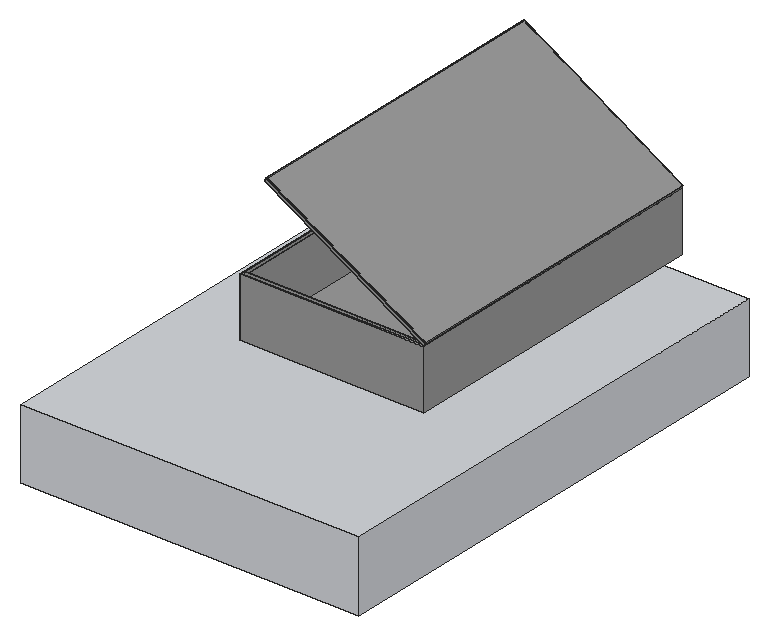
Revit family "Hager-Univers-IP55-D275-H1400-Cl.I-Steel_encl-DE-de", category Equipement électrique, Revit 2020
Family settings
  Hôte = Face
  Configuration du panneau = Deux colonnes, circuits au sein
  Cote de connecteur circulaire = Utiliser le diamètre
  Type d'élément = Tableau de raccordement
  Couper avec des vides une fois chargée = Non
  Partagée = Non
  Point de calcul de pièce = Non
Parameters (values of type "Aufputz IP55 B800 H1400 T275  - FR93E")
  Width Control [instance] = if([EF000008 - Breite] > Min Width, [EF000008 - Breite], Min Width)  # 800 mm
  Commentaires du type = [HG000003 - Bereich]  # "Univers"
  Thickness Door [instance] = if([EF009171 - Materialstärke Tür/Deckel] > 3 mm, 3 mm, [EF009171 - Materialstärke Tür/Deckel])  # 1.5 mm
  Seal Frame Offset [instance] = 17 mm  # constant formula
  Plinth Visibility [instance] = [HG000027 - Sockelhöhe] > 0 mm  # no
  Model = ""
  Min Width [instance] = 100 mm  # constant formula
  Min Height [instance] = 100 mm  # constant formula
  Min Depth [instance] = (2 * [EF009170 - Materialstärke Gehäuse]) + 1 mm  # 4 mm
  Internal Frame Depth [instance] = (Door System Depth * 0.5)  # 9 mm
  Height Control [instance] = if([EF000040 - Höhe] > Min Height, [EF000040 - Höhe], Min Height)  # 1400 mm
  HG000027 - Sockelhöhe = 0 mm
  HG000026 - Stehend auf dem Boden = no
  HG000024 - Höhe des unteren Teils = 800 mm
  HG000023 - Gehäuse mit doppeltem Querschnitt = no
  HG000016 - 3D-Türsichtbarkeit [instance] = yes
  HG000015 - Sichtbarkeit der Türöffnung [instance] = no
  HG000014 - Tür rechts [instance] = yes
  HG000013 - Tür links [instance] = not([HG000014 - Tür rechts])  # no
  HG000012 - Türschwenkwinkel [instance] = 30.00°
  HG000010 - Asymmetrische Türen = no
  HG000009 - Doppelflügeligen Tür = no
  HG000006 - Unterputz = no
  HG000004 - Herstellerreferenz = "FR93E"
  HG000003 - Bereich = "Univers"
  HG000002 - Mit tür = yes
  Frame Offset Bottom [instance] = 10 mm  # constant formula
  Frame Offset [instance] = 15 mm  # constant formula
  EF015940 - Deckel mit Überdruckentlastung = no
  EF011959 - Schutzart (NEMA) = ""
  EF009554 - Anzahl der Öffnungen für Flanschplatten = 6
  Fabricant = "Hager"  # constant formula
  EF009212 - Ausführung Deckel = "EV000116 - geschlossen"
  EF009171 - Materialstärke Tür/Deckel = 1.5 mm
  EF009170 - Materialstärke Gehäuse = 1.5 mm
  EF008873 - Nennstrom (In) = 800 A
  EF007800 - Geeignet für Blitzschutz = no
  EF006306 - Mit Schloss = no
  EF006244 - Transparenter Deckel/Tür = no
  EF005474 - Schutzart (IP) = "EV006420 - IP55"
  EF004464 - Art der Tür = "EV002646 - Einzel"
  EF004427 - Anzahl der Module = 324
  EF004293 - Schlagfestigkeit = "EV008784 - IK10"
  EF003532 - Geeignet für Außengebrauch = no
  EF002950 - Breite in Teilungseinheiten = 24
  EF001613 - Funktionserhalt = "EV000494 - ohne"
  EF001596 - Werkstoff des Gehäuses = "EV000179 - Stahl"
  EF001131 - Innentiefe = 275 mm
  EF001088 - Anbaumöglichkeit = yes
  EF000437 - Anzahl der Leitungseinführungen = 6
  EF000339 - Art der Abdeckung = "EV004216 - Tür"
  EF000266 - Anzahl der Reihen = 9
  EF000218 - Einbautiefe = 0 mm
  EF000118 - Mit Montageplatte = no
  EF000116 - RAL-Nummer = "7035"
  EF000049 - Tiefe = 275 mm
  EF000040 - Höhe = 1400 mm
  EF000008 - Breite = 800 mm
  EF000007 - Farbe = "EV000270 - grau"
  EF000003 - Montageart = "EV000384 - Aufputz"
  Door System Leaf Tolerance [instance] = 1.5 mm  # constant formula
  Door System Depth [instance] = 18 mm  # constant formula
  Door Height [instance] = Height Control - [HG000027 - Sockelhöhe]  # 1400 mm
  Depth Control [instance] = if([EF000049 - Tiefe] > Min Depth, [EF000049 - Tiefe], Min Depth)  # 275 mm
  Default Elevation = 0 mm
  Connector Offset [instance] = Height Control / 2  # 700 mm
  Bottom Top Plate Trim [instance] = 1.5 mm  # constant formula
  Plinth height Ctrl [instance] = if([HG000027 - Sockelhöhe] > 0 mm, [HG000027 - Sockelhöhe], 12 mm)  # 12 mm
Types (5, lengths in mm): name | Width Control | HG000010 - Asymmetrische Türen | HG000009 - Doppelflügeligen Tür | HG000004 - Herstellerreferenz | EF009554 - Anzahl der Öffnungen für Flanschplatten | EF004464 - Art der Tür | EF004427 - Anzahl der Module | EF000437 - Anzahl der Leitungseinführungen | EF000008 - Breite
  Aufputz IP55 B1050 H1400 T275  - FR94E | 1050 | no | yes | "FR94E" | 8 | "EV003602 - Doppel" | 432 | 8 | 1050
  Aufputz IP55 B1300 H1400 T275  - FR95E | 1300 | yes | yes | "FR95E" | 10 | "EV003602 - Doppel" | 540 | 10 | 1300
  Aufputz IP55 B300 H1400 T275  - FR91E | 300 | no | no | "FR91E" | 2 | "EV002646 - Einzel" | 108 | 2 | 300
  Aufputz IP55 B550 H1400 T275  - FR92E | 550 | no | no | "FR92E" | 4 | "EV002646 - Einzel" | 216 | 4 | 550
  Aufputz IP55 B800 H1400 T275  - FR93E | 800 | no | no | "FR93E" | 6 | "EV002646 - Einzel" | 324 | 6 | 800
Reference planes
  plane 1 "Center (Front/Back)": y = 0
  plane 2: z = 0
  plane 3 "Center (Left/Right)": x = 0
  plane 4: z = 275
  plane 5: y = 1.5
  plane 6: y = 700
  plane 7: y = 0
  plane 8: y = 1400
  plane 9: z = 0
  plane 10: x = -385
  plane 11: x = 385
  plane 12: x = 383.5
  plane 13: x = -383.5
  plane 14: y = 1398.5
  plane 15: x = -383
  plane 16: x = -400
  plane 17: x = 383
  plane 18: x = 400
  plane 19: x = 398.5
  plane 20: x = -398.5
  plane 21: y = 11.5
  plane 22: y = 1400
  plane 23: y = 1383.5
  plane 24: z = 257
  plane 25: z = 1.5
  plane 26: z = 255.5
  plane 27: z = 273.5
Forms (mm)
  Extrusion 1, solid
    sketch origin (0, 0, 0) x (1, 0, 0) y (0, 1, 0)
      loop
        line (-702.964, 1305) -> (-702.964, -811.445) -> (766.763, -811.445) -> (766.763, 1305) -> (-702.964, 1305)
    from 0 to -304.8
  Extrusion 2, solid, material "Hager_Steel_RAL7035_Light_Grey", visible <- "Plinth Visibility", detail levels medium+fine
    sketch origin (0, 0, 0) x (1, 0, 0) y (0, 1, 0)
      loop
        line (-400, 0) -> (400, 0) -> (400, 12) -> (-400, 12) -> (-400, 0)
    from 0 to 257
  Extrusion 3, solid, material "Hager_Steel_RAL7035_Light_Grey", detail levels medium+fine
    sketch origin (0, 0, 0) x (1, 0, 0) y (0, 1, 0)
      loop
        line (-400, 0) -> (400, 0) -> (400, 1400) -> (-400, 1400) -> (-400, 0)
    from 0 to 257
  Extrusion 4, void
    sketch origin (0, 0, 0) x (1, 0, 0) y (0, 1, 0)
      loop
        line (-398.5, 1.5) -> (398.5, 1.5) -> (398.5, 1398.5) -> (-398.5, 1398.5) -> (-398.5, 1.5)
    from 1.5 to 255.5
  Extrusion 5, void
    sketch origin (-381.607, -4572, 257) x (0, -1, 0) y (-1, 0, 0)
      loop
        line (-4583.5, 1.893) -> (-5955.5, 1.893) -> (-5955.5, -765.107) -> (-4583.5, -765.107) -> (-4583.5, 1.893)
    from 0 to 1.5 <- "EF009170 - Materialstärke Gehäuse"
  Extrusion 6, solid, material "Hager_Steel_RAL7035_Light_Grey", detail levels fine
    sketch origin (0, 0, 257) x (1, 0, 0) y (0, 1, 0)
      loop
        line (-383.5, 1383.5) -> (-383.5, 11.5) -> (383.5, 11.5) -> (383.5, 1383.5) -> (-383.5, 1383.5)
      loop
        line (-385, 10) -> (385, 10) -> (385, 1385) -> (-385, 1385) -> (-385, 10)
    from 0 to 9 <- "Internal Frame Depth"
  Extrusion 7, solid, material "Hager_Steel_RAL7035_Light_Grey", detail levels coarse
    sketch origin (0, 0, 0) x (1, 0, 0) y (0, 1, 0)
      loop
        line (-400, 0) -> (400, 0) -> (400, 1400) -> (-400, 1400) -> (-400, 0)
    from 0 to 275
  Sweep 8, void
    path in 3D
      loop
        line (-400, 12, 0) -> (400, 12, 0) -> (400, 12, 257) -> (-400, 12, 257) -> (-400, 12, 0)
    profile origin (-400, 12, 128.5) x (-1, 0, 0) y (0, -1, 0)
      loop
        line (0, 0) -> (0, 1.5) -> (-1.5, 1.5)
        arc (-1.5, 1.5) -> (-1.061, 0.439) -> (0, 0) r 1.5
Cuts and joins
  Extrusion 4, Extrusion 5 cuts Extrusion 3
  Sweep 8 cuts Extrusion 2
Lines and regions (mm)
  Masking region 1
    outline origin (0, 0, 0) x (1, 0, 0) y (0, 0, 1)
      loop
        line (-400, 275) -> (-400, 0) -> (400, 0) -> (400, 275) -> (-400, 275)
  Masking region 2, detail levels medium+fine
    outline origin (0, 140, 0) x (0, 1, 0) y (0, 0, 1)
      loop
        line (-140, 0) -> (1260, 0) -> (1260, 257) -> (-140, 257) -> (-140, 0)
  Masking region 3, not visible, detail levels medium+fine
    outline origin (0, 297.922, 0) x (0, 1, 0) y (0, 0, 1)
      loop
        line (413.578, 0) -> (453.578, 0) -> (453.578, 263.5)
        arc (453.578, 263.5) -> (450.649, 270.571) -> (443.578, 273.5) r 10
        line (443.578, 273.5) -> (413.578, 273.5) -> (413.578, 0)
  Masking region 4, detail levels coarse
    outline origin (0, 0, 180) x (0, 1, 0) y (0, 0, 1)
      loop
        line (0, -180) -> (1400, -180) -> (1400, 95) -> (0, 95) -> (0, -180)
  Masking region 5, visible <- "Plinth Visibility", detail levels medium+fine
    outline origin (0, 52.24, 12.345) x (0, 0, -1) y (0, 1, 0)
      loop
        line (10.845, -40.24) -> (-243.155, -40.24)
        arc (-243.155, -40.24) -> (-243.594, -41.301) -> (-244.655, -41.74) r 1.5
        line (-244.655, -41.74) -> (-244.655, -52.24) -> (12.345, -52.24) -> (12.345, -41.74)
        arc (12.345, -41.74) -> (11.285, -41.301) -> (10.845, -40.24) r 1.5
  Masking region 6, detail levels medium+fine
    outline origin (-381.607, -4572, 257) x (-1, 0, 0) y (0, -1, 0)
      loop
        line (18.393, -5972) -> (18.393, -4572) -> (-781.607, -4572) -> (-781.607, -5972) -> (18.393, -5972)
  Masking region 7, visible <- "Plinth Visibility", detail levels medium+fine
    outline origin (-381.607, -4727, 257) x (-1, 0, 0) y (0, -1, 0)
      loop
        arc (16.893, -4739) -> (17.332, -4737.939) -> (18.393, -4737.5) r 1.5
        line (18.393, -4737.5) -> (18.393, -4727) -> (-781.607, -4727) -> (-781.607, -4737.5)
        arc (-781.607, -4737.5) -> (-780.546, -4737.939) -> (-780.107, -4739) r 1.5
        line (-780.107, -4739) -> (16.893, -4739)
  Masking region 8, detail levels coarse
    outline origin (-442.548, -4669.526, 257) x (-1, 0, 0) y (0, -1, 0)
      loop
        line (-42.548, -6069.526) -> (-42.548, -4669.526) -> (-842.548, -4669.526) -> (-842.548, -6069.526) -> (-42.548, -6069.526)
  sketch lines
    curve 1: line (-400, 12, 257) -> (-400, 12, 0)
    curve 2: line (400, 12, 257) -> (-400, 12, 257)
    curve 3: line (400, 12, 257) -> (400, 12, 0)
    curve 4: line (-400, 12, 0) -> (400, 12, 0)
Dimensions and locks
  "Depth Control": plane 4 to Extrusion 1
  "HG000027 - Sockelhöhe": plane 1 "Center (Front/Back)" to plane 7
  "EF009170 - Materialstärke Gehäuse": plane 5 to plane 7
  locked: connector elem to plane 3 "Center (Left/Right)"
  equal spacing: plane 8, plane 6, plane 7
  locked: connector elem to plane 6
  "EF009170 - Materialstärke Gehäuse": plane 8 to plane 14
  "EF009170 - Materialstärke Gehäuse": plane 10 to plane 13
  "EF009170 - Materialstärke Gehäuse": plane 12 to plane 11
  "Frame Offset": plane 20 to plane 13
  "Frame Offset": plane 12 to plane 19
  "EF009170 - Materialstärke Gehäuse": plane 16 to plane 20
  "EF009170 - Materialstärke Gehäuse": plane 19 to plane 18
  "Seal Frame Offset": plane 16 to plane 15
  "Seal Frame Offset": plane 17 to plane 18
  "Frame Offset Bottom": plane 21 to plane 5
  "Frame Offset": plane 14 to plane 23
  equal spacing: plane 16, plane 3 "Center (Left/Right)", plane 18
  "Width Control": plane 16 to plane 18
  "EF009170 - Materialstärke Gehäuse": plane 4 to plane 27
  "EF009170 - Materialstärke Gehäuse": plane 24 to plane 26
  "EF009170 - Materialstärke Gehäuse": plane 25 to level
  "Door System Depth": plane 4 to plane 24
  "Height Control": plane 1 "Center (Front/Back)" to Extrusion 7 sketch curve
  "Height Control": Masking region 4 sketch curve to plane 1 "Center (Front/Back)"
  "Height Control": plane 1 "Center (Front/Back)" to plane 22
  "Bottom Top Plate Trim": profile plane to Sweep 8 sketch curve
  "Bottom Top Plate Trim": Sweep 8 sketch curve to profile plane
  "Plinth height Ctrl": plane 1 "Center (Front/Back)" to Extrusion 2 sketch curve
  "Plinth height Ctrl": Masking region 5 sketch curve to plane 1 "Center (Front/Back)"
  "Plinth height Ctrl": plane 1 "Center (Front/Back)" to Masking region 7 sketch curve
  "Thickness Door": Extrusion 6 sketch curve to Extrusion 6 sketch curve  (x3)
  "Thickness Door": cut or joined group of Extrusion 3, Extrusion 4, Extrusion 5 to Extrusion 6 sketch curve
  radius of Masking region 3 sketch curve = 10 mm
  "Bottom Top Plate Trim": radius of Masking region 5 sketch curve  (x2)
  "Bottom Top Plate Trim": radius of Sweep 8 sketch curve
  "Bottom Top Plate Trim": radius of Masking region 7 sketch curve  (x2)
  aligned and locked: plane 2 to Extrusion 1
  aligned and locked: level to Extrusion 1
  aligned and locked: level to Masking region 1 sketch curve
  aligned and locked: Masking region 1 sketch curve to plane 18
  aligned and locked: Masking region 1 sketch curve to plane 16
  aligned and locked: plane 7 to Masking region 2 sketch curve
  aligned and locked: level to Masking region 3 sketch curve
  aligned and locked: Masking region 3 sketch curve to plane 27
  aligned and locked: level to Masking region 2 sketch curve
  aligned and locked: plane 1 "Center (Front/Back)" to Extrusion 2 sketch curve
  aligned and locked: Extrusion 3 sketch curve to plane 7
  aligned and locked: plane 16 to Extrusion 3 sketch curve
  aligned and locked: plane 18 to Extrusion 3 sketch curve
  aligned and locked: plane 20 to Extrusion 4 sketch curve
  aligned and locked: plane 19 to Extrusion 4 sketch curve
  aligned and locked: Extrusion 4 sketch curve to plane 5
  aligned and locked: Extrusion 4 to plane 25
  aligned and locked: plane 26 to Extrusion 4
  aligned and locked: plane 24 to Extrusion 3
  aligned and locked: Extrusion 5 sketch curve to plane 21
  aligned and locked: Extrusion 5 sketch curve to plane 13
  aligned and locked: Extrusion 5 sketch curve to plane 12
  aligned and locked: plane 18 to Extrusion 7 sketch curve
  aligned and locked: plane 1 "Center (Front/Back)" to Extrusion 7 sketch curve
  aligned and locked: plane 16 to Extrusion 7 sketch curve
  aligned and locked: plane 4 to Extrusion 7
  aligned and locked: Extrusion 7 to level
  aligned and locked: level to Masking region 4 sketch curve
  aligned and locked: Masking region 4 sketch curve to plane 1 "Center (Front/Back)"
  aligned and locked: Masking region 4 sketch curve to plane 4
  aligned and locked: nested 1 to level
  aligned and locked: nested 1 to plane 16
  aligned and locked: plane 8 to Extrusion 3 sketch curve
  aligned and locked: plane 23 to Extrusion 5 sketch curve
  aligned and locked: plane 14 to Extrusion 4 sketch curve
  aligned and locked: Masking region 2 sketch curve to plane 8
  aligned and locked: level to Masking region 5 sketch curve
  aligned and locked: plane 16 to Extrusion 2 sketch curve
  aligned and locked: plane 18 to Extrusion 2 sketch curve
  aligned and locked: Masking region 5 sketch curve to plane 24
  aligned and locked: Masking region 2 sketch curve to plane 24
  aligned and locked: plane 24 to Extrusion 2
  aligned and locked: profile plane to Sweep 8 sketch curve  (x2)
  aligned and locked: Masking region 6 sketch curve to plane 18
  aligned and locked: Masking region 6 sketch curve to plane 22
  aligned and locked: Masking region 6 sketch curve to plane 16
  aligned and locked: plane 8 to plane 22
  aligned and locked: Masking region 6 sketch curve to plane 7
  aligned and locked: Masking region 7 sketch curve to plane 16
  aligned and locked: Masking region 7 sketch curve to plane 1 "Center (Front/Back)"
  aligned and locked: Masking region 7 sketch curve to plane 18
  aligned and locked: Masking region 8 sketch curve to plane 1 "Center (Front/Back)"
  aligned and locked: Masking region 8 sketch curve to plane 18
  aligned and locked: Masking region 8 sketch curve to plane 22
  aligned and locked: Masking region 8 sketch curve to plane 16
  aligned and locked: nested 2 to plane 7
  aligned and locked: plane 3 "Center (Left/Right)" to nested 2
  aligned and locked: nested 2 to plane 24
  aligned and locked: Extrusion 6 sketch curve to cut or joined group of Extrusion 3, Extrusion 4, Extrusion 5  (x4)
Automatic sketch dimensions
  Extrusion 1 sketch curve to Extrusion 1 sketch curve = 1469.727 mm
  Extrusion 1 sketch curve to Extrusion 1 sketch curve = 2116.445 mm
  Masking region 1 sketch curve to plane 4 = 0 mm
  plane 6 to Masking region 3 sketch curve = 11.5 mm
  Masking region 3 sketch curve to Masking region 3 sketch curve = 30 mm
  Masking region 5 sketch curve to plane 1 "Center (Front/Back)" = 0 mm
Nested families
  nested 1: "Hager_Enclosure_Symbol" at (-400, 0, 0) x (1, 0, 0) z (0, -1, 0), Height <- "Depth Control", Width <- "Width Control", type "Hager_Enclosure_Symbol"
    with Width_Ctrl 800 mm, Width 800 mm, Height_Ctrl 275 mm, Height 275 mm, A_Width_Int 18.047 mm, A_Width 216.562 mm, A_Height_Ctrl 240.625 mm, A_Height 240.625 mm
  nested 2: "EC000058_Univers_Door" at (0, 0, 257) x (1, 0, 0) z (0, 1, 0), Leaf_Tolerance <- "Door System Leaf Tolerance", Angle <- "HG000012 - Türschwenkwinkel", Door_Depth <- "Door System Depth", Door_Left <- "HG000013 - Tür links", Transparent <- "EF006244 - Transparenter Deckel/Tür", Assymetrical <- "HG000010 - Asymmetrische Türen", Width <- "Width Control", Clearance <- "HG000015 - Sichtbarkeit der Türöffnung", Double <- "HG000009 - Doppelflügeligen Tür", 3d_Door <- "HG000016 - 3D-Türsichtbarkeit", Lock_Visibility <- "EF006306 - Mit Schloss", Width_Ctrl <- "Width Control", Door_Right <- "HG000014 - Tür rechts", Door <- "HG000002 - Mit tür", Height <- "Door Height", Thickness <- "Thickness Door", type "EC000058_Univers_Door", detail levels medium+fine
    with min_wh 4 mm, Width_Ctrl 800 mm, Width 800 mm, Transparent no, Thickness 1.5 mm, Seal_Material Hager_Rubber, Lock_Visibility no, Lock_Material Hager_Plastic_RAL9005_Jet_Black, Leaf_Width 800 mm, Leaf_Tolerance_External_Sides 0 mm, Leaf_Tolerance 1.5 mm, Leaf_Offset 0 mm, Leaf_Height 1397 mm, Leaf_2_Width 800 mm, Leaf_2_Offset 400 mm, Leaf_1_Width 800 mm, Leaf_1_Offset 400 mm, Height_Ctrl 1400 mm, Height 1400 mm, Glass_Material Hager_Glass, Double_Clearance_Ctrl no, Double no, Door_Right_Ctrl yes, Door_Right yes, Door_Material Hager_Steel_RAL7035_Light_Grey, Door_Left_Ctrl no, Door_Left no, Door_Depth 18 mm, Door yes, Clearance_Material Hager_Clearance, Clearance_Depth 800 mm, Clearance_Ctrl no, Clearance no, Assymetrical no, Angle 30.00°, 3d_Door yes
Connectors
  electrical at (0, 700, 0)
    settings: on plane 9, index 1, voltage 0 V, apparent load 0 VA, apparent load phase1 0 VA, apparent load phase2 0 VA, apparent load phase3 0 VA, power factor 1, load classification "Other", number of poles 1, system type 30, power factor state 1, is connector primary yes, connector utility no, sub classification motor no, connector description ""
Definition of nested family "EC000058_Univers_Door"
  Parameters (values of type "EC000058_Univers_Door")
    min_wh [instance] = (2 * Thickness) + 1 mm  # 11 mm
    Width_Ctrl [instance] = 400 mm
    Width [instance] = 500 mm
    Transparent [instance] = yes
    Thickness [instance] = 5 mm
    Seal_Material [instance] = none
    Lock_Visibility [instance] = yes
    Lock_Material [instance] = none
    Leaf_Width [instance] = if((Width_Ctrl - 2 * Leaf_Tolerance_External_Sides) > 0 mm, (Width_Ctrl - 2 * Leaf_Tolerance_External_Sides), min_wh)  # 400 mm
    Leaf_Tolerance_External_Sides [instance] = 0 mm  # constant formula
    Leaf_Tolerance [instance] = 1.5 mm
    Leaf_Offset [instance] = 0 mm  # constant formula
    Leaf_Height [instance] = if((Height_Ctrl - 2 * Leaf_Tolerance) > 0 mm, (Height_Ctrl - 2 * Leaf_Tolerance), min_wh)  # 497 mm
    Leaf_2_Width [instance] = if(and(and(Double, Assymetrical), Door_Left), (Leaf_Width / 3) - (Leaf_Tolerance / 2), if(and(and(Double, Assymetrical), Door_Right), (Leaf_Width / 3) * 2 - (Leaf_Tolerance / 2), if(and(Double, not(Assymetrical)), (Leaf_Width / 2) - Leaf_Tolerance, Leaf_Width)))  # 400 mm
    Leaf_2_Offset [instance] = if(and(Double, Assymetrical), Leaf_2_Width / 2, if(and(Double, not(Assymetrical)), Leaf_Width / 4, Leaf_Width / 2))  # 200 mm
    Leaf_1_Width [instance] = if(and(and(Double, Assymetrical), Door_Right), (Leaf_Width / 3) - (Leaf_Tolerance / 2), if(and(and(Double, Assymetrical), Door_Left), (Width / 3) * 2 - (Leaf_Tolerance / 2), if(and(Double, not(Assymetrical)), (Leaf_Width / 2) - Leaf_Tolerance, Leaf_Width)))  # 400 mm
    Leaf_1_Offset [instance] = if(and(Double, Assymetrical), Leaf_1_Width / 2, if(and(Double, not(Assymetrical)), Leaf_Width / 4, Leaf_Width / 2))  # 200 mm
    Height_Ctrl [instance] = if(Height > min_wh, Height, min_wh)  # 500 mm
    Height [instance] = 500 mm
    Glass_Material [instance] = none
    Double_Clearance_Ctrl [instance] = and(Double, Clearance)  # no
    Double [instance] = no
    Door_Right_Ctrl [instance] = and(or(Door_Right, Double), Door)  # yes
    Door_Right [instance] = yes
    Door_Material [instance] = none
    Door_Left_Ctrl [instance] = and(or(Door_Left, Double), Door)  # no
    Door_Left [instance] = no
    Door_Depth [instance] = 30 mm
    Door [instance] = yes
    Default Elevation = 1219.2 mm
    Clearance_Material [instance] = none
    Clearance_Depth [instance] = if(Leaf_1_Width > Leaf_2_Width, Leaf_1_Width, Leaf_2_Width)  # 400 mm
    Clearance_Ctrl [instance] = and(not(Double), Clearance)  # yes
    Clearance [instance] = yes
    Assymetrical [instance] = yes
    Angle [instance] = 30.00°
    3d_Door [instance] = yes
  Reference planes
    plane 1 "Center (Front/Back)": y = 0
    plane 2 "Bottom": z = 0
    plane 3 "Center (Left/Right)": x = 0
    plane 4: z = 500
    plane 5: x = -200
    plane 6: x = 200
    plane 7: z = 500
    plane 8: x = -200
    plane 9: z = 0
    plane 10: x = 200
    plane 11: y = 0
    plane 12: z = 1.5
    plane 13: x = -600
    plane 14: y = -400
    plane 15: x = 600
    plane 16: x = 0
    plane 17: x = 0
    plane 18: x = -200
    plane 19: x = 200
    plane 20: z = 498.5
  Forms (mm)
    Extrusion 1, solid, material <- "Clearance_Material", visible <- "Double_Clearance_Ctrl"
      sketch origin (1200, 0, 0) x (1, 0, 0) y (0, 0, -1)
        loop
          line (-1800, -498.5) -> (-600, -498.5) -> (-600, 0) -> (-1800, 0) -> (-1800, -498.5)
      from 0 to -400
  Dimensions and locks
    equal spacing: plane 5, plane 3 "Center (Left/Right)", plane 6
    "Width_Ctrl": plane 5 to plane 6
    "Leaf_Offset": plane 5 to plane 8
    "Leaf_Offset": plane 6 to plane 10
    "Leaf_Offset": plane 9 to level
    "Leaf_Offset": plane 4 to plane 7
    "Height_Ctrl": plane 4 to level
    "Leaf_Tolerance": plane 12 to plane 9
    locked: plane 11 to plane 1 "Center (Front/Back)"
    "Leaf_1_Offset": plane 18 to plane 16
    "Leaf_2_Offset": plane 17 to plane 19
    "Leaf_1_Width": plane 13 to plane 8
    "Leaf_2_Width": plane 10 to plane 15
    "Clearance_Depth": plane 14 to plane 1 "Center (Front/Back)"
    "Leaf_Tolerance_External_Sides": plane 8 to plane 18
    "Leaf_Tolerance_External_Sides": plane 19 to plane 10
    "Leaf_Tolerance": plane 7 to plane 20
    aligned and locked: level to plane 2 "Bottom"
    aligned and locked: nested 1 to plane 16
    aligned and locked: nested 2 to plane 17
    aligned and locked: Extrusion 1 to plane 13
    aligned and locked: plane 15 to Extrusion 1
    aligned and locked: Extrusion 1 to plane 14
    aligned and locked: plane 12 to nested 1
    aligned and locked: nested 2 to plane 12
    aligned and locked: Extrusion 1 to plane 11
    aligned and locked: plane 20 to Extrusion 1
    aligned and locked: nested 2 to plane 11
    aligned and locked: nested 1 to plane 11
  Automatic sketch dimensions
    Extrusion 1 sketch curve to level = 0 mm
    plane 5 to Extrusion 1 sketch curve = 400 mm
    plane 6 to Extrusion 1 sketch curve = 400 mm
    Extrusion 1 sketch curve to plane 4 = 1.5 mm
  Nested families
    nested 1: "EC000058_Univers_Door_Leaf" at (0, 0, 1.5), Width <- "Leaf_1_Width", visible <- "Door_Left_Ctrl", Leaf_Height <- "Leaf_Height", Angle <- "Angle", 3d_Door <- "3d_Door", Transparent <- "Transparent", Clearance Material <- "Clearance_Material", Clearance <- "Clearance_Ctrl", Door_Material <- "Door_Material", Glass_Material <- "Glass_Material", Door_Depth <- "Door_Depth", Lock_Material <- "Lock_Material", Seal_Material <- "Seal_Material", Lock_Visibility <- "Lock_Visibility", Thickness <- "Thickness", type "EC000058_Univers_Door_Leaf"
      with Width 400 mm, Transparent_Glass_Offset 30 mm, Transparent_Ctrl yes, Transparent yes, Thickness 5 mm, Standard no, Seal_Material none, Seal_D2 8 mm, Seal_D1 1 mm, Offset_Internal_Frame 10 mm, Lock_Width 20 mm, Lock_Visibility_3d yes, Lock_Visibility yes, Lock_Thickness_3 3 mm, Lock_Thickness_2 1 mm, Lock_Thickness_1 3 mm, Lock_Radius_Offset_2 16 mm, Lock_Radius_Offset_1 15 mm, Lock_Radius_2 5 mm, Lock_Radius 6 mm, Lock_Offset 5 mm, Lock_Material none, Lock_Height 80 mm, Lock_Cover_Top_Offset_2d 17 mm, Lock_Cover_Height -65 mm, Leaf_Height 497 mm, Internal_Seal_Thickness 8 mm, Internal_Seal_Depth_2 4.5 mm, Internal_Frame_Depth 25 mm, Glass_Thickness -1 mm, Glass_Offset -2 mm, Glass_Material none, Door_Material none, Door_Depth 30 mm, Clearance Material none, Clearance yes, Angle_Ctrl 30.00°, Angle 30.00°, 3d_Door yes
    nested 2: "EC000058_Univers_Door_Leaf" at (0, 0, 1.5) x (-1, 0, 0) z (0, 0, 1), Width <- "Leaf_2_Width", visible <- "Door_Right_Ctrl", Leaf_Height <- "Leaf_Height", Angle <- "Angle", 3d_Door <- "3d_Door", Transparent <- "Transparent", Clearance Material <- "Clearance_Material", Clearance <- "Clearance_Ctrl", Door_Material <- "Door_Material", Glass_Material <- "Glass_Material", Door_Depth <- "Door_Depth", Lock_Material <- "Lock_Material", Seal_Material <- "Seal_Material", Lock_Visibility <- "Lock_Visibility", Thickness <- "Thickness", type "EC000058_Univers_Door_Leaf"
      with Width 400 mm, Transparent_Glass_Offset 30 mm, Transparent_Ctrl yes, Transparent yes, Thickness 5 mm, Standard no, Seal_Material none, Seal_D2 8 mm, Seal_D1 1 mm, Offset_Internal_Frame 10 mm, Lock_Width 20 mm, Lock_Visibility_3d yes, Lock_Visibility yes, Lock_Thickness_3 3 mm, Lock_Thickness_2 1 mm, Lock_Thickness_1 3 mm, Lock_Radius_Offset_2 16 mm, Lock_Radius_Offset_1 15 mm, Lock_Radius_2 5 mm, Lock_Radius 6 mm, Lock_Offset 5 mm, Lock_Material none, Lock_Height 80 mm, Lock_Cover_Top_Offset_2d 17 mm, Lock_Cover_Height -65 mm, Leaf_Height 497 mm, Internal_Seal_Thickness 8 mm, Internal_Seal_Depth_2 4.5 mm, Internal_Frame_Depth 25 mm, Glass_Thickness -1 mm, Glass_Offset -2 mm, Glass_Material none, Door_Material none, Door_Depth 30 mm, Clearance Material none, Clearance yes, Angle_Ctrl 30.00°, Angle 30.00°, 3d_Door yes
  Definition of nested family "EC000058_Univers_Door_Leaf"
    Parameters (values of type "EC000058_Univers_Door_Leaf")
      Width [instance] = 2000 mm
      Transparent_Glass_Offset [instance] = 30 mm
      Transparent_Ctrl [instance] = and(Transparent, [3d_Door])  # yes
      Transparent [instance] = yes
      Thickness [instance] = 5 mm
      Standard [instance] = and(not(Transparent), [3d_Door])  # no
      Seal_Material [instance] = none
      Seal_D2 [instance] = 8 mm  # constant formula
      Seal_D1 [instance] = 1 mm  # constant formula
      Offset_Internal_Frame [instance] = 10 mm  # constant formula
      Lock_Width [instance] = 20 mm  # constant formula
      Lock_Visibility_3d [instance] = and(Lock_Visibility, [3d_Door])  # yes
      Lock_Visibility [instance] = yes
      Lock_Thickness_3 [instance] = 3 mm  # constant formula
      Lock_Thickness_2 [instance] = 1 mm  # constant formula
      Lock_Thickness_1 [instance] = 3 mm  # constant formula
      Lock_Radius_Offset_2 [instance] = Lock_Radius_Offset_1 + 1 mm  # 16 mm
      Lock_Radius_Offset_1 [instance] = 15 mm  # constant formula
      Lock_Radius_2 [instance] = Lock_Radius - 1 mm  # 5 mm
      Lock_Radius [instance] = 6 mm  # constant formula
      Lock_Offset [instance] = 5 mm  # constant formula
      Lock_Material [instance] = none
      Lock_Height [instance] = 80 mm  # constant formula
      Lock_Cover_Top_Offset_2d [instance] = Lock_Radius_Offset_2 + 1 mm  # 17 mm
      Lock_Cover_Height [instance] = -(Lock_Height - Lock_Radius_Offset_1)  # -65 mm
      Leaf_Height [instance] = 2720.336 mm
      Internal_Seal_Thickness [instance] = 8 mm  # constant formula
      Internal_Seal_Depth_2 [instance] = 4.5 mm  # constant formula
      Internal_Frame_Depth [instance] = if(Door_Depth - Thickness > 5 mm, Door_Depth - Thickness, 5 mm)  # 25 mm
      Glass_Thickness [instance] = if(Thickness > 15 mm, Glass_Offset + 10 mm, -1 mm)  # -1 mm
      Glass_Offset [instance] = if(Thickness > 15 mm, -(Thickness + 10 mm) / 2, -2 mm)  # -2 mm
      Glass_Material [instance] = none
      Door_Material [instance] = none
      Door_Depth [instance] = 30 mm
      Default Elevation = 0 mm
      Clearance Material [instance] = none
      Clearance [instance] = yes
      Angle_Ctrl [instance] = if(Angle > 180.00°, 180.00°, Angle)  # 90.00°
      Angle [instance] = 90.00°
      3d_Door [instance] = yes
    Reference planes
      plane 1 "Center (Front/Back)": y = 0
      plane 2: z = 0
      plane 3 "Center (Left/Right)": x = 0
      plane 4: y = 2000
      plane 5: x = -1000
      plane 6: x = 1000
      plane 7: x = -3000
      plane 8: z = 2720.336
      plane 9: z = 30
      plane 10: z = 2690.336
      plane 11: x = 970
      plane 12: x = -970
      plane 13: y = -3
      plane 14: z = 107.833
      plane 15: y = -5
      plane 16: y = -223.314
      plane 17: x = -1000
      plane 18: z = 1360.168
      plane 19: y = 30
    Forms (mm)
      Extrusion 1, solid, material <- "Clearance Material", visible <- "Clearance"
        sketch origin (0, 0, 0) x (1, 0, 0) y (0, 0, 1)
          loop
            line (-3000, 2720.336) -> (-3000, 0) -> (1000, 0) -> (1000, 2720.336) -> (-3000, 2720.336)
        from 0 to -2000
      Extrusion 2, solid, material <- "Door_Material", visible <- "Standard", detail levels medium+fine
        sketch origin (-1000, 0, 0) x (0, 1, 0) y (-1, 0, 0)
          loop
            line (0, 30) -> (0, 25) -> (2000, 25) -> (2000, 30) -> (0, 30)
        from 0 to 2720.336 <- "Leaf_Height"
      Extrusion 3, solid, material <- "Door_Material", visible <- "Transparent_Ctrl", detail levels medium+fine
        sketch origin (-1000, 0, 0) x (0, 1, 0) y (-1, 0, 0)
          loop
            line (0, 25) -> (2000, 25) -> (2000, 30) -> (0, 30) -> (0, 25)
        from 0 to 2720.336 <- "Leaf_Height"
      Extrusion 4, void
        sketch origin (-1025, 2000, 0) x (0, 1, 0) y (0, 0, -1)
          loop
            line (-30, -2690.336) -> (-30, -30) -> (-1970, -30) -> (-1970, -2690.336) -> (-30, -2690.336)
        from 0 to 5 <- "Thickness"
      Sweep 5, solid, material <- "Seal_Material", visible <- "Transparent_Ctrl", detail levels fine
        path in 3D
          loop
            line (-1025, 30, 30) -> (-1025, 30, 2690.336) -> (-1025, 1970, 2690.336) -> (-1025, 1970, 30) -> (-1025, 30, 30)
        profile origin (-1025, 1000, 30) x (1, 0, 0) y (0, 0, 1)
          loop
            line (0, 0) -> (0, -8) -> (1, -8) -> (1, 0) -> (0, 0)
      Extrusion 6, solid, material <- "Glass_Material", visible <- "Transparent_Ctrl", detail levels medium+fine
        sketch origin (-1030, 0, 0) x (0, 1, 0) y (0, 0, -1)
          loop
            line (1970, -2690.336) -> (1970, -30) -> (30, -30) -> (30, -2690.336) -> (1970, -2690.336)
        from -2 <- "Glass_Offset" to -1 <- "Glass_Thickness"
      Extrusion 7, solid, material <- "Door_Material", visible <- "3d_Door", detail levels medium+fine
        sketch origin (-1025, 2000, 0) x (0, -1, 0) y (0, 0, -1)
          loop
            line (0, -2720.336) -> (2000, -2720.336) -> (2000, 0) -> (0, 0) -> (0, -2720.336)
          loop
            line (1995, -5) -> (5, -5) -> (5, -2715.336) -> (1995, -2715.336) -> (1995, -5)
        from 0 to 25 <- "Internal_Frame_Depth"
      Sweep 8, solid, material <- "Seal_Material", visible <- "Transparent_Ctrl", detail levels fine
        path in 3D
          loop
            line (-1025, 0, 0) -> (-1025, 2000, 0) -> (-1025, 2000, 2720.336) -> (-1025, 0, 2720.336) -> (-1025, 0, 0)
        profile origin (-1025, 0, 1360.168) x (1, 0, 0) y (0, 1, 0)
          loop
            line (0, 10) -> (2.975, 10)
            arc (2.975, 10) -> (4.053, 10.447) -> (4.5, 11.525) r 1.525
            line (4.5, 11.525) -> (4.5, 16.527)
            arc (4.5, 16.527) -> (4.069, 17.569) -> (3.027, 18) r 1.473
            line (3.027, 18) -> (0, 18) -> (0, 10)
      Extrusion 9, solid, material <- "Lock_Material", visible <- "Lock_Visibility_3d", detail levels fine
        sketch origin (-1030, 0, 0) x (0, 1, 0) y (0, 0, -1)
          loop
            arc (1993.5, -1400.168) -> (1994.561, -1399.729) -> (1995, -1398.668) r 1.5
            line (1995, -1398.668) -> (1995, -1320.168) -> (1975, -1320.168) -> (1975, -1398.668)
            arc (1975, -1398.668) -> (1975.439, -1399.729) -> (1976.5, -1400.168) r 1.5
            line (1976.5, -1400.168) -> (1993.5, -1400.168)
        from 3 <- "Lock_Thickness_1" to 0
      Blend 10, solid, material <- "Lock_Material", visible <- "Lock_Visibility_3d", detail levels fine
        base sketch origin (-1033, 0, 0) x (0, 1, 0) y (0, 0, -1)
          loop
            line (1975, -1320.168) -> (1975, -1398.668)
            arc (1975, -1398.668) -> (1975.439, -1399.729) -> (1976.5, -1400.168) r 1.5
            line (1976.5, -1400.168) -> (1993.5, -1400.168)
            arc (1993.5, -1400.168) -> (1994.561, -1399.729) -> (1995, -1398.668) r 1.5
            line (1995, -1398.668) -> (1995, -1320.168) -> (1975, -1320.168)
        top sketch origin (-1033, 0, 0) x (0, 1, 0) y (0, 0, -1)
          loop
            line (1976, -1320.168) -> (1976, -1398.668)
            arc (1976, -1398.668) -> (1976.146, -1399.022) -> (1976.5, -1399.168) r 0.5
            line (1976.5, -1399.168) -> (1993.5, -1399.168)
            arc (1993.5, -1399.168) -> (1993.854, -1399.022) -> (1994, -1398.668) r 0.5
            line (1994, -1398.668) -> (1994, -1320.168) -> (1976, -1320.168)
        from 0 to 1 <- "Lock_Thickness_2"
      Blend 11, solid, material <- "Lock_Material", visible <- "Lock_Visibility_3d", detail levels fine
        base sketch origin (-1034, 0, 0) x (0, 1, 0) y (0, 0, -1)
          loop
            line (1978, -1320.168) -> (1978, -1384.168)
            arc (1978, -1384.168) -> (1985, -1391.168) -> (1992, -1384.168) r 7
            line (1992, -1384.168) -> (1992, -1320.168) -> (1978, -1320.168)
        top sketch origin (-1034, 0, 0) x (0, 1, 0) y (0, 0, -1)
          loop
            line (1991, -1320.168) -> (1979, -1320.168) -> (1979, -1383.168)
            arc (1979, -1383.168) -> (1985, -1389.168) -> (1991, -1383.168) r 6
            line (1991, -1383.168) -> (1991, -1320.168)
        from 0 to 3 <- "Lock_Thickness_3"
      Extrusion 12, solid, material <- "Lock_Material", visible <- "Lock_Visibility_3d", detail levels fine
        sketch origin (-1030, 1975, 1320.168) x (1, 0, 0) y (0, -1, 0)
          loop
            line (-7, -19) -> (-7, -1) -> (0, -1) -> (0, 0) -> (-8, 0) -> (-8, -20) -> (0, -20) -> (0, -19) -> (-7, -19)
        from 0 to -65 <- "Lock_Cover_Height"
      Extrusion 13, void
        sketch origin (-1038, 1995, 1320.168) x (-1, 0, 0) y (0, 0, -1)
          loop
            line (-5, -65) -> (0, -65) -> (-5, -60) -> (-5, -65)
        from 0 to 20 <- "Lock_Width"
      Extrusion 14, void
        sketch origin (-1038, 1975, 1320.168) x (0, -1, 0) y (0, 0, -1)
          loop
            circle (-10, -15.995) r 6
          loop
            circle (-10, -15.995) r 5
        from 0 to 2
      Extrusion 15, solid, material <- "Lock_Material", visible <- "Lock_Visibility_3d", detail levels medium
        sketch origin (-1030, 0, 0) x (0, 1, 0) y (0, 0, -1)
          loop
            arc (1993.5, -1400.168) -> (1994.561, -1399.729) -> (1995, -1398.668) r 1.5
            line (1995, -1398.668) -> (1995, -1320.168) -> (1975, -1320.168) -> (1975, -1398.668)
            arc (1975, -1398.668) -> (1975.439, -1399.729) -> (1976.5, -1400.168) r 1.5
            line (1976.5, -1400.168) -> (1993.5, -1400.168)
        from 8 to 0
    Cuts and joins
      Extrusion 4 cuts Extrusion 3
      Extrusion 13, Extrusion 14 cuts Extrusion 9
      Extrusion 14 cuts Blend 11
      Extrusion 13, Extrusion 14 cuts Extrusion 12
      joined: Extrusion 9, Blend 10, Blend 11, Extrusion 12
      Extrusion 14 cuts Extrusion 15
    Lines and regions (mm)
      Masking region 1, visible <- "Lock_Visibility", detail levels fine
        outline origin (0, 0, 0) x (0, 1, 0) y (0, 0, 1)
          loop
            line (30, 1320.168) -> (33, 1320.168) -> (33, 1400.168) -> (30, 1400.168) -> (30, 1320.168)
      Masking region 2, visible <- "Lock_Visibility", detail levels fine
        outline origin (0, 3.143, 0) x (0, 1, 0) y (0, 0, 1)
          loop
            line (29.857, 1354.168) -> (30.857, 1354.168) -> (30.857, 1366.168) -> (29.857, 1366.168) -> (29.857, 1354.168)
      Masking region 3, detail levels medium+fine
        outline origin (0, 0, 0) x (0, 1, 0) y (0, 0, 1)
          loop
            line (0, 0) -> (30, 0) -> (30, 2720.336) -> (0, 2720.336) -> (0, 0)
      Masking region 4, detail levels medium+fine
        outline origin (0, 0, 0) x (1, 0, 0) y (0, 0, 1)
          loop
            line (-1000, 2720.336) -> (-1000, 0) -> (1000, 0) -> (1000, 2720.336) -> (-1000, 2720.336)
      Masking region 5, visible <- "Lock_Visibility", detail levels fine
        outline origin (-47.116, 0, 0) x (1, 0, 0) y (0, 0, 1)
          loop
            arc (1024.616, 1399.168) -> (1023.556, 1398.729) -> (1023.116, 1397.668) r 1.5
            line (1023.116, 1397.668) -> (1023.116, 1320.168) -> (1041.116, 1320.168) -> (1041.116, 1397.668)
            arc (1041.116, 1397.668) -> (1040.677, 1398.729) -> (1039.616, 1399.168) r 1.5
            line (1039.616, 1399.168) -> (1024.616, 1399.168)
      Masking region 6, visible <- "Lock_Visibility", detail levels medium+fine
        outline origin (-25, 0, 0) x (1, 0, 0) y (0, 0, 1)
          loop
            arc (1001.5, 1400.168) -> (1000.439, 1399.729) -> (1000, 1398.668) r 1.5
            line (1000, 1398.668) -> (1000, 1320.168) -> (1020, 1320.168) -> (1020, 1398.668)
            arc (1020, 1398.668) -> (1019.561, 1399.729) -> (1018.5, 1400.168) r 1.5
            line (1018.5, 1400.168) -> (1001.5, 1400.168)
      Masking region 7, visible <- "Lock_Visibility", detail levels fine
        outline origin (-73.735, 0, 0) x (1, 0, 0) y (0, 0, 1)
          loop
            line (1051.735, 1382.168) -> (1065.735, 1382.168) -> (1065.735, 1384.168)
            arc (1065.735, 1384.168) -> (1058.735, 1391.168) -> (1051.735, 1384.168) r 7
            line (1051.735, 1384.168) -> (1051.735, 1382.168)
      Masking region 8, visible <- "Lock_Visibility", detail levels fine
        outline origin (-73.735, 0, 0) x (1, 0, 0) y (0, 0, 1)
          loop
            line (1052.735, 1382.168) -> (1064.735, 1382.168) -> (1064.735, 1383.168)
            arc (1064.735, 1383.168) -> (1058.735, 1389.168) -> (1052.735, 1383.168) r 6
            line (1052.735, 1383.168) -> (1052.735, 1382.168)
      Masking region 9, visible <- "Lock_Visibility", detail levels fine
        outline origin (-25, 0, 0) x (1, 0, 0) y (0, 0, 1)
          loop
            line (1020, 1320.168) -> (1020, 1382.168) -> (1000, 1382.168) -> (1000, 1320.168) -> (1020, 1320.168)
      Masking region 10, detail levels medium+fine
        outline origin (0, 0, 0) x (1, 0, 0) y (0, 0, 1)
          loop
            circle (985, 1335.144) r 6
      Masking region 11, detail levels fine
        outline origin (0, 0, 0) x (1, 0, 0) y (0, 0, 1)
          loop
            circle (985, 1335.144) r 5
      Masking region 12, visible <- "Lock_Visibility", detail levels fine
        outline origin (0, 12.767, 0) x (0, 1, 0) y (0, 0, 1)
          loop
            line (20.233, 1320.168) -> (21.233, 1320.168) -> (21.233, 1399.168) -> (20.233, 1400.168) -> (20.233, 1320.168)
      Masking region 13, visible <- "Lock_Visibility", detail levels fine
        outline origin (0, 13.767, -10) x (0, 1, 0) y (0, 0, 1)
          loop
            line (20.233, 1330.168) -> (23.233, 1330.168) -> (23.233, 1399.168) -> (20.233, 1402.168) -> (20.233, 1330.168)
      Masking region 14, visible <- "Lock_Visibility", detail levels fine
        outline origin (0, 12.767, -10) x (0, 1, 0) y (0, 0, 1)
          loop
            line (20.233, 1330.168) -> (25.233, 1330.168) -> (25.233, 1399.305) -> (20.233, 1394.305) -> (20.233, 1330.168)
      Masking region 15, visible <- "Lock_Visibility", detail levels medium
        outline origin (0, 0, 0) x (0, 1, 0) y (0, 0, 1)
          loop
            line (30, 1320.168) -> (38, 1320.168) -> (38, 1400.168) -> (30, 1400.168) -> (30, 1320.168)
      Masking region 16, visible <- "Lock_Visibility", detail levels fine
        outline origin (-1000, 0, 0) x (0, 1, 0) y (-1, 0, 0)
          loop
            line (1975, 30) -> (1995, 30) -> (1995, 38) -> (1975, 38) -> (1975, 30)
          loop
            line (1979, 37) -> (1976, 37) -> (1976, 34) -> (1978, 34) -> (1979, 37)
          loop
            line (1994, 37) -> (1991, 37) -> (1992, 34) -> (1994, 34) -> (1994, 37)
      Masking region 17, visible <- "Lock_Visibility", detail levels medium
        outline origin (-1000, 0, 0) x (0, 1, 0) y (-1, 0, 0)
          loop
            line (1975, 30) -> (1995, 30) -> (1995, 38) -> (1975, 38) -> (1975, 30)
      symbolic lines
        curve 1: line (1000, 0, 0) -> (-3000, 0, 0)
        curve 2: arc (1000, 0, 0) -> (-1000, 2000, 0) -> (-3000, 0, 0) r 2000
        curve 4: line (-1030, 0, 0) -> (-1030, 2000, 0)
      reference lines
        curve 3: line (-1000, 0, 0) -> (-1000, 2000, 0)
      symbolic lines, detail levels medium+fine
        curve 5: line (-1030, 2000, 0) -> (-1025, 2000, 0)
        curve 7: line (-1025, 0, 0) -> (-1030, 0, 0)
        curve 8: line (-1025, 0, 0) -> (-1000, 0, 0)
        curve 9: line (-1000, 0, 0) -> (-1000, 2000, 0)
        curve 10: line (-1000, 2000, 0) -> (-1025, 2000, 0)
      symbolic lines, detail levels fine
        curve 6: line (-1025, 2000, 0) -> (-1025, 0, 0)
      sketch lines
        curve 11: line (-1025, 0, 2720.336) -> (-1025, 0, 0)
        curve 12: line (-1025, 2000, 0) -> (-1025, 0, 0)
        curve 13: line (-1025, 2000, 2720.336) -> (-1025, 2000, 0)
        curve 14: line (-1025, 0, 2720.336) -> (-1025, 2000, 2720.336)
        curve 15: line (-1025, 1970, 30) -> (-1025, 30, 30)
        curve 16: line (-1025, 30, 30) -> (-1025, 30, 2690.336)
        curve 17: line (-1025, 1970, 2690.336) -> (-1025, 1970, 30)
        curve 18: line (-1025, 30, 2690.336) -> (-1025, 1970, 2690.336)
      symbolic lines, visible <- "Transparent", detail levels medium+fine
        curve 19: line (-970, 0, 2690.336) -> (970, 0, 2690.336)
        curve 20: line (-970, 0, 30) -> (-970, 0, 2690.336)
        curve 21: line (970, 0, 30) -> (-970, 0, 30)
        curve 22: line (970, 0, 2690.336) -> (970, 0, 30)
    Dimensions and locks
      "Width": plane 1 "Center (Front/Back)" to plane 4
      equal spacing: plane 5, plane 3 "Center (Left/Right)", plane 6
      "Width": plane 5 to plane 6
      "Width": plane 7 to plane 5
      "Leaf_Height": plane 8 to level
      "Width": curve 5 to curve 3
      "Width": curve 3 to curve 3
      plane 8 to plane 10 = 30 mm
      plane 9 to level = 30 mm
      plane 12 to plane 5 = 30 mm
      plane 6 to plane 11 = 30 mm
      Extrusion 1 to Extrusion 4 sketch curve = 30 mm
      "Transparent_Glass_Offset": curve 3 to Extrusion 4 sketch curve
      "Transparent_Glass_Offset": Extrusion 4 sketch curve to cut or joined group of Extrusion 3, Extrusion 4  (x2)
      cut or joined group of Extrusion 3, Extrusion 4 to Extrusion 6 sketch curve = 30 mm
      "Transparent_Glass_Offset": cut or joined group of Extrusion 3, Extrusion 4 to Extrusion 4 sketch curve
      "Thickness": curve 6 to curve 4
      "Thickness": Extrusion 7 sketch curve to Extrusion 7 sketch curve  (x4)
      "Door_Depth": curve 4 to curve 3
      "Offset_Internal_Frame": profile plane to Sweep 8 sketch curve
      "Internal_Seal_Thickness": Sweep 8 sketch curve to Sweep 8 sketch curve
      "Internal_Seal_Depth_2": profile plane to Sweep 8 sketch curve
      "Seal_D1": profile plane to Sweep 5 sketch curve
      "Seal_D2": profile plane to Sweep 5 sketch curve
      "Thickness": Extrusion 2 sketch curve to Extrusion 2 sketch curve
      equal spacing: Extrusion 9 sketch curve, plane 18, Extrusion 9 sketch curve  (x2)
      equal spacing: Masking region 1 sketch curve, plane 18, Masking region 1 sketch curve
      "Lock_Height": Masking region 1 sketch curve to Masking region 1 sketch curve
      "Lock_Radius": Masking region 2 sketch curve to plane 18 to Masking region 2 sketch curve
      Masking region 2 sketch curve to Masking region 1 = 1 mm
      "Door_Depth": plane 19 to plane 1 "Center (Front/Back)"
      "Lock_Thickness_1": Masking region 1 sketch curve to plane 19
      "Lock_Width": Extrusion 9 sketch curve to Extrusion 9 sketch curve
      "Lock_Height": Extrusion 9 sketch curve to Extrusion 9 sketch curve
      "Lock_Offset": cut or joined group of Extrusion 3, Extrusion 4 to Extrusion 9 sketch curve
      equal spacing: plane 8, plane 18, level
      "Lock_Radius_Offset_1": Blend 11 sketch curve to Blend 10
      locked: Blend 10 to Blend 11 sketch curve at 2  (x2)
      locked: var sketch to Blend 11 sketch curve at 1  (x2)
      "Lock_Radius_Offset_2": Blend 11 sketch curve to Blend 10
      locked: Extrusion 12 sketch curve to Extrusion 12 sketch curve at 1  (x3)
      Masking region 6 sketch curve to Masking region 6 sketch curve = 80 mm
      "Lock_Height": Masking region 6 sketch curve to Masking region 6 sketch curve
      "Lock_Width": Masking region 6 sketch curve to Masking region 6 sketch curve
      locked: Masking region 6 to Masking region 5 sketch curve at 1  (x3)
      locked: Masking region 5 to Masking region 7 sketch curve at 2  (x2)
      "Lock_Radius_Offset_1": Masking region 5 to Masking region 7 sketch curve
      "Lock_Radius_Offset_2": Masking region 5 to Masking region 8 sketch curve
      locked: Masking region 7 to Masking region 8 sketch curve at 1  (x2)
      "Lock_Cover_Top_Offset_2d": Masking region 5 to Masking region 9 sketch curve
      equal spacing: Masking region 9, Masking region 10 sketch curve, Masking region 9
      equal spacing: Masking region 9, Masking region 11 sketch curve, Masking region 9
      Extrusion 15 sketch curve to Extrusion 15 sketch curve = 80 mm
      "Lock_Width": Extrusion 15 sketch curve to Extrusion 15 sketch curve
      "Lock_Height": Extrusion 15 sketch curve to Extrusion 15 sketch curve
      equal spacing: Extrusion 15 sketch curve, plane 18, Extrusion 15 sketch curve
      "Lock_Thickness_3": Masking region 13 sketch curve to Masking region 13 sketch curve
      "Lock_Height": Masking region 12 sketch curve to Masking region 12 sketch curve
      locked: Masking region 13 sketch curve to Masking region 1 at 8
      locked: Masking region 14 sketch curve to Masking region 13 at 1
      locked: Masking region 14 sketch curve to Masking region 1 at 10.863
      "Lock_Height": Masking region 15 sketch curve to Masking region 15 sketch curve
      "Lock_Offset": Extrusion 15 sketch curve to cut or joined group of Extrusion 3, Extrusion 4
      "Lock_Offset": plane 6 to Masking region 6 sketch curve
      radius of Sweep 8 sketch curve = 1.525 mm
      radius of Sweep 8 sketch curve = 1.473 mm
      radius of Extrusion 9 sketch curve = 1.5 mm  (x2)
      "Lock_Radius": radius of Extrusion 14 sketch curve
      "Lock_Radius_2": radius of Extrusion 14 sketch curve
      "Lock_Radius": radius of Masking region 10 sketch curve
      "Lock_Radius_2": radius of Masking region 11 sketch curve
      radius of Extrusion 15 sketch curve = 1.5 mm  (x2)
      "Angle_Ctrl": angle plane 1 "Center (Front/Back)" to curve 3
      locked: Masking region 12 sketch curve to Masking region 12 sketch curve (angle 45.00°)
      locked: Masking region 13 sketch curve to Masking region 13 sketch curve (angle 45.00°)
      locked: Masking region 14 sketch curve to Masking region 14 sketch curve (angle 45.00°)
      aligned and locked: level to plane 2
      aligned and locked: Extrusion 1 to curve 1
      aligned and locked: plane 6 to Extrusion 1
      aligned and locked: Extrusion 1 to plane 1 "Center (Front/Back)"
      aligned and locked: plane 4 to Extrusion 1
      aligned and locked: plane 8 to Extrusion 1
      aligned and locked: curve 7 to Extrusion 2 sketch curve
      aligned and locked: curve 5 to Extrusion 2 sketch curve
      aligned and locked: curve 7 to Extrusion 3 sketch curve
      aligned and locked: Extrusion 3 sketch curve to curve 4
      aligned and locked: Extrusion 3 sketch curve to curve 6
      aligned and locked: Extrusion 3 sketch curve to curve 5
      aligned and locked: curve 9 to curve 3
      aligned and locked: Extrusion 7 sketch curve to cut or joined group of Extrusion 3, Extrusion 4  (x4)
      aligned and locked: plane 17 to curve 3
      aligned and locked: plane 1 "Center (Front/Back)" to curve 3
      aligned and locked: plane 17 to plane 5
      aligned and locked: Sweep 8 sketch curve to profile plane
      aligned and locked: Sweep 5 sketch curve to profile plane  (x2)
      aligned and locked: Masking region 1 to Masking region 2 sketch curve
      aligned and locked: plane 19 to Masking region 1 sketch curve
      aligned and locked: plane 1 "Center (Front/Back)" to Masking region 3 sketch curve
      aligned and locked: plane 19 to Masking region 3 sketch curve
      aligned and locked: level to Masking region 3 sketch curve
      aligned and locked: Masking region 3 sketch curve to plane 8
      aligned and locked: plane 17 to Masking region 4 sketch curve
      aligned and locked: level to Masking region 4 sketch curve
      aligned and locked: Masking region 4 sketch curve to plane 8
      aligned and locked: plane 12 to curve 20
      aligned and locked: plane 10 to curve 19
      aligned and locked: plane 11 to curve 22
      aligned and locked: curve 21 to plane 9
      aligned and locked: Extrusion 2 sketch curve to cut or joined group of Extrusion 3, Extrusion 4
      aligned and locked: Blend 10 sketch curve to Extrusion 9  (x4)
      aligned and locked: Extrusion 9 to Blend 10 sketch curve
      aligned and locked: Blend 10 to Blend 11 sketch curve
      aligned and locked: Extrusion 12 sketch curve to Blend 11
      aligned and locked: Extrusion 12 sketch curve to Extrusion 9  (x4)
      aligned and locked: Masking region 5 sketch curve to Masking region 6
      aligned and locked: Masking region 9 sketch curve to Masking region 6  (x3)
      aligned and locked: Masking region 12 sketch curve to Masking region 1
      aligned and locked: Masking region 13 sketch curve to Masking region 1
      aligned and locked: Masking region 12 to Masking region 14
      aligned and locked: Masking region 14 sketch curve to Masking region 1
      aligned and locked: Masking region 15 sketch curve to Masking region 14
      aligned and locked: Masking region 13 sketch curve to Masking region 12
      aligned and locked: Masking region 16 sketch curve to cut or joined group of Extrusion 14, Extrusion 15  (x4)
      aligned and locked: Masking region 16 sketch curve to cut or joined group of Extrusion 9, Blend 10, Blend 11, Extrusion 12, Extrusion 13, Extrusion 14  (x6)
      aligned and locked: cut or joined group of Extrusion 9, Blend 10, Blend 11, Extrusion 12, Extrusion 13, Extrusion 14 to Masking region 16 sketch curve
      aligned and locked: Masking region 17 sketch curve to cut or joined group of Extrusion 14, Extrusion 15  (x3)
      aligned and locked: Masking region 17 sketch curve to cut or joined group of Extrusion 9, Blend 10, Blend 11, Extrusion 12, Extrusion 13, Extrusion 14
      aligned and locked: Masking region 9 to Masking region 8 sketch curve
      aligned and locked: Masking region 9 to Masking region 7 sketch curve
    Automatic sketch dimensions
      plane 1 "Center (Front/Back)" to curve 2 = 0 mm
      curve 2 to plane 5 = 0 mm
      Extrusion 1 sketch curve to level = 0 mm
      Extrusion 1 sketch curve to plane 7 = 0 mm
      Extrusion 1 sketch curve to plane 6 = 0 mm
      Extrusion 1 sketch curve to plane 8 = 0 mm
      Extrusion 3 to Extrusion 6 sketch curve = 30 mm  (x4)
      Masking region 4 sketch curve to plane 6 = 0 mm
      Blend 10 sketch curve to Extrusion 9 = 1.5 mm
      Blend 10 sketch curve to Extrusion 9 = 1 mm
      Extrusion 13 sketch curve to Extrusion 12 = 0 mm  (x2)
      Extrusion 12 to Extrusion 13 sketch curve = 3 mm
      Extrusion 13 sketch curve to Extrusion 12 = 5 mm
      Extrusion 14 sketch curve to Extrusion 14 sketch curve = 0 mm  (x2)
      Extrusion 14 sketch curve to Extrusion 12 = 10 mm
      Extrusion 14 sketch curve to Extrusion 12 = 15.995 mm
      Masking region 5 sketch curve to Masking region 5 sketch curve = 1.5 mm  (x2)
      Masking region 10 sketch curve to plane 18 = 25.024 mm
      Masking region 11 sketch curve to plane 18 = 25.024 mm
      plane 19 to Masking region 14 sketch curve = 3 mm
      Masking region 16 sketch curve to Masking region 16 sketch curve = 3 mm
      curve 4 to curve 3 = 0 mm
      Blend 10 to Blend 11 sketch curve = 0 mm
      Masking region 6 sketch curve to Masking region 6 sketch curve = 1.5 mm  (x2)
      Masking region 6 sketch curve to plane 18 = 40 mm
      plane 19 to Masking region 12 sketch curve = 3 mm
      Masking region 12 sketch curve to Masking region 12 sketch curve = 1 mm
      Masking region 15 sketch curve to plane 19 = 0 mm
      Masking region 15 sketch curve to plane 18 = 40 mm
      radius of Blend 10 sketch curve to Extrusion 9 = 1 mm
Definition of nested family "Hager_Enclosure_Symbol"
  Parameters (values of type "Hager_Enclosure_Symbol")
    Width_Ctrl [instance] = if(Width > 1 mm, Width, 1 mm)  # 102.27 mm
    Width [instance] = 102.27 mm
    Height_Ctrl [instance] = if(Height > 1 mm, Height, 1 mm)  # 66.5 mm
    A_Width_Int [instance] = if(A_Width / 12 > 2 mm, A_Width / 12, 2 mm)  # 4.364 mm
    A_Width [instance] = if(A_Height_Ctrl * 0.9 > 2 mm, A_Height_Ctrl * 0.9, 2 mm)  # 52.369 mm
    A_Height_Ctrl [instance] = if(A_Height > 2 mm, A_Height, 2 mm)  # 58.188 mm
    Height [instance] = 66.5 mm
    A_Height [instance] = Height - (Height / 8)  # 58.188 mm
  Reference planes
    plane 1 "Centre (avant/arrière)": y = 0
    plane 2: z = 0
    plane 3 "Centre (gauche/droite)": x = 0
    plane 4: x = 52.369
    plane 5: y = 33.042
    plane 6: y = 41.77
    plane 7: y = 66.5
    plane 8: x = 26.184
    plane 9: y = 37.406
    plane 10: x = 102.27
    plane 11: y = 66.5
    plane 12: y = 8.313
  Lines and regions (mm)
    Filled region 1, type "Solid_Black", in view "Niveau de réf."
      outline origin (0, 0, 0) x (1, 0, 0) y (0, 1, 0)
        loop
          line (52.369, 66.5) -> (33.188, 54.536) -> (45.365, 45.006) -> (52.369, 66.5)
    Filled region 2, type "Solid_Black", in view "Niveau de réf."
      outline origin (0, 0, 0) x (1, 0, 0) y (0, 1, 0)
        loop
          line (0, 0) -> (102.27, 0) -> (102.27, 66.5) -> (0, 0)
    detail lines, in view "Niveau de réf."
      curve 1: line (0, 8.313, 0) -> (26.184, 41.77, 0)
      curve 2: line (26.184, 41.77, 0) -> (26.184, 33.042, 0)
      curve 3: line (26.184, 33.042, 0) -> (52.369, 66.5, 0)
  Dimensions and locks
    "A_Width": plane 3 "Centre (gauche/droite)" to plane 4
    equal spacing: plane 3 "Centre (gauche/droite)", plane 8, plane 4
    equal spacing: plane 6, plane 9, plane 5
    equal spacing: curve 3, Filled region 1 sketch curve, Filled region 1 sketch curve
    "Height_Ctrl": plane 1 "Centre (avant/arrière)" to plane 11
    "A_Height_Ctrl": plane 11 to plane 12
    equal spacing: plane 11, plane 9, plane 12
    "A_Width_Int": plane 6 to plane 9
    "Width_Ctrl": plane 3 "Centre (gauche/droite)" to plane 10
    angle Filled region 1 sketch curve to curve 3 = 20.00°
    angle curve 3 to Filled region 1 sketch curve = 20.00°
    locked: curve 3 to Filled region 1 sketch curve (angle 90.00°)
    aligned and locked: plane 10 to Filled region 2
    aligned and locked: plane 11 to Filled region 2 sketch curve
    aligned and locked: plane 10 to Filled region 2 sketch curve
    aligned and locked: plane 3 "Centre (gauche/droite)" to curve 1
    aligned and locked: plane 12 to curve 1
    aligned and locked: plane 7 to plane 11
  Automatic sketch dimensions
    Filled region 1 sketch curve to plane 4 = 0 mm
    Filled region 1 sketch curve to plane 7 = 0 mm
    plane 1 "Centre (avant/arrière)" to Filled region 2 sketch curve = 0 mm
    Filled region 2 sketch curve to plane 3 "Centre (gauche/droite)" = 0 mm
    curve 2 to plane 6 = 0 mm
    curve 2 to plane 8 = 0 mm
    curve 3 to plane 4 = 0 mm
    curve 2 to plane 5 = 0 mm
    curve 3 to plane 7 = 0 mm
